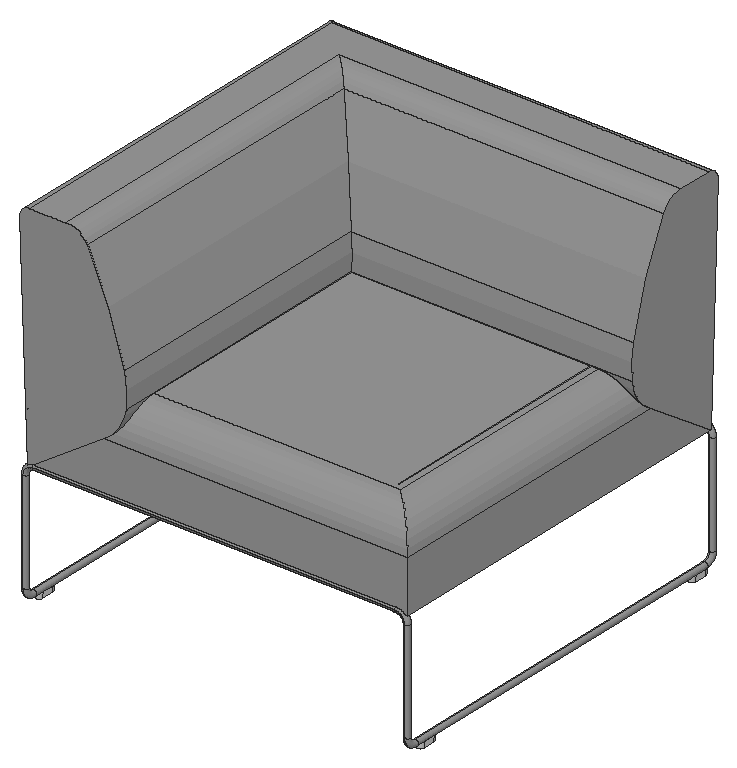
Revit family "Andreu World Siesta SF4751", category Mobiliario, Revit 2014
Parameters (values of type "SF4751")
  Width = 800 mm
  URL = "http://www.andreuworld.com/"
  Seat Height = 420 mm
  Reference = "SF-4751"
  Modelo = "Siesta"
  Metal = White Metal
  Glides = Andreu World Plastic Glides
  Fabricante = "Andreu World"
  Height = 740 mm
  Fabric = Andreu World Fabric
  Descripción = "1-seater corner sofa, right side."
  Depth = 800 mm
Reference planes
  plane 1 "Center (Front/Back)": y = 0
  plane 2: z = 0
  plane 3 "Center (Left/Right)": x = 0
  plane 4 "Left": x = -400
  plane 5 "Right": x = 400
  plane 6 "Back": y = 400
  plane 7 "Front": y = -400
  plane 8: z = 420
  plane 9: z = 740
Forms (mm)
  Sweep 1, solid, material "White Metal" <- "Metal", detail levels medium+fine
    path origin (0, -400, 0) x (-1, 0, 0) y (0, 0, 1)
      loop
        line (-400, 32.666) -> (-400, 242.666)
        arc (-400, 242.666) -> (-392.385, 261.051) -> (-374, 268.666) r 26
        line (-374, 268.666) -> (374, 268.666)
        arc (374, 268.666) -> (392.385, 261.051) -> (400, 242.666) r 26
        line (400, 242.666) -> (400, 32.666)
    profile origin (-400, -400, 137.666) x (0, 1, 0) y (-1, 0, 0)
      loop
        circle (6, -6) r 6
  Sweep 2, solid, material "White Metal" <- "Metal", detail levels medium+fine
    path origin (0, 400, 0) x (-1, 0, 0) y (0, 0, -1)
      loop
        line (-400, -32.666) -> (-400, -242.666)
        arc (-400, -242.666) -> (-392.385, -261.051) -> (-374, -268.666) r 26
        line (-374, -268.666) -> (374, -268.666)
        arc (374, -268.666) -> (392.385, -261.051) -> (400, -242.666) r 26
        line (400, -242.666) -> (400, -32.666)
    profile origin (-400, 400, 137.666) x (0, -1, 0) y (1, 0, 0)
      loop
        circle (6, 6) r 6
  Sweep 3, solid, material "White Metal" <- "Metal", detail levels medium+fine
    path origin (400, 0, 0) x (0, 1, 0) y (0, 0, 1)
      loop
        arc (-394, 32.666) -> (-388.142, 18.524) -> (-374, 12.666) r 20
        line (-374, 12.666) -> (374, 12.666)
        arc (374, 12.666) -> (388.142, 18.524) -> (394, 32.666) r 20
    profile origin (400, 0, 12.666) x (0, 0, 1) y (1, 0, 0)
      loop
        circle (0, -6) r 6
  Sweep 4, solid, material "White Metal" <- "Metal", detail levels medium+fine
    path origin (-400, 0, 0) x (0, 1, 0) y (0, 0, -1)
      loop
        arc (-394, -32.666) -> (-388.142, -18.524) -> (-374, -12.666) r 20
        line (-374, -12.666) -> (374, -12.666)
        arc (374, -12.666) -> (388.142, -18.524) -> (394, -32.666) r 20
    profile origin (-400, 0, 12.666) x (0, 0, -1) y (-1, 0, 0)
      loop
        circle (0, -6) r 6
  Extrusion 5, solid, material "White Metal" <- "Metal", detail levels medium+fine
    sketch origin (0, -400, 0) x (-1, 0, 0) y (0, 0, 1)
      loop
        circle (366.531, 262.663) r 6
    from 6 to 787.685
  Extrusion 6, solid, material "White Metal" <- "Metal", detail levels medium+fine
    sketch origin (0, -400, 0) x (1, 0, 0) y (0, 0, -1)
      loop
        circle (366.531, -262.663) r 6
    from 6 to 787.685
  Extrusion 7, solid, material "Andreu World Plastic Glides" <- "Glides", detail levels medium+fine
    sketch origin (0, 0, 0) x (1, 0, 0) y (0, 1, 0)
      loop
        arc (-401.535, 341.443) -> (-394.035, 333.943) -> (-386.535, 341.443) r 7.5
        line (-386.535, 341.443) -> (-386.535, 366.443)
        arc (-386.535, 366.443) -> (-394.035, 373.943) -> (-401.535, 366.443) r 7.5
        line (-401.535, 366.443) -> (-401.535, 341.443)
    from 0 to 10.327
  Extrusion 8, solid, material "Andreu World Plastic Glides" <- "Glides", detail levels medium+fine
    sketch origin (0, -700, 0) x (1, 0, 0) y (0, 1, 0)
      loop
        arc (-401.535, 341.443) -> (-394.035, 333.943) -> (-386.535, 341.443) r 7.5
        line (-386.535, 341.443) -> (-386.535, 366.443)
        arc (-386.535, 366.443) -> (-394.035, 373.943) -> (-401.535, 366.443) r 7.5
        line (-401.535, 366.443) -> (-401.535, 341.443)
    from 0 to 10.327
  Extrusion 9, solid, material "Andreu World Plastic Glides" <- "Glides", detail levels medium+fine
    sketch origin (0, 0, 0) x (-1, 0, 0) y (0, -1, 0)
      loop
        line (-401.535, -341.443) -> (-401.535, -366.443)
        arc (-401.535, -366.443) -> (-394.035, -373.943) -> (-386.535, -366.443) r 7.5
        line (-386.535, -366.443) -> (-386.535, -341.443)
        arc (-386.535, -341.443) -> (-394.035, -333.943) -> (-401.535, -341.443) r 7.5
    from 0 to 10.327
  Extrusion 10, solid, material "Andreu World Plastic Glides" <- "Glides", detail levels medium+fine
    sketch origin (0, -700, 0) x (-1, 0, 0) y (0, -1, 0)
      loop
        line (-401.535, -341.443) -> (-401.535, -366.443)
        arc (-401.535, -366.443) -> (-394.035, -373.943) -> (-386.535, -366.443) r 7.5
        line (-386.535, -366.443) -> (-386.535, -341.443)
        arc (-386.535, -341.443) -> (-394.035, -333.943) -> (-401.535, -341.443) r 7.5
    from 0 to 10.327
  Extrusion 11, solid, material "White Metal" <- "Metal", detail levels medium+fine
    sketch origin (0, 0, 0) x (1, 0, 0) y (0, 1, 0)
      loop
        line (-360, 386.974) -> (-360, -388.026) -> (360, -388.026) -> (360, 386.974) -> (-360, 386.974)
    from 259.942 to 265.082
  Sweep 12, solid, material "Andreu World Fabric" <- "Fabric", detail levels medium+fine
    path origin (-3861.149, 2.389, 0) x (1, 0, 0) y (0, 1, 0)
      loop
        line (3459.011, -400) -> (3459.011, 400) -> (4259.011, 400)
    profile origin (-402.138, 2.389, 0) x (-1, 0, 0) y (0, 0, 1)
      loop
        arc (-138.826, 712.618) -> (-183.864, 612.483) -> (-215.564, 507.361) r 846.681
        arc (-215.564, 507.361) -> (-220.522, 472.294) -> (-219.293, 436.899) r 202.471
        arc (-219.293, 436.899) -> (-207.023, 401.379) -> (-181.319, 373.966) r 90
        line (-181.319, 373.966) -> (-16.053, 259.137) -> (-0.012, 718.497)
        arc (-0.012, 718.497) -> (-5.613, 733.088) -> (-20, 739.195) r 20
        line (-20, 739.195) -> (-94.652, 739.195)
        arc (-94.652, 739.195) -> (-120.428, 732.039) -> (-138.826, 712.618) r 50
  Blend 13, solid, material "Andreu World Fabric" <- "Fabric", detail levels medium+fine
    base sketch origin (-3861.149, -10.41, 0) x (1, 0, 0) y (0, 1, 0)
      loop
        line (4259.011, 396.746) -> (3475.064, 396.746) -> (3475.064, -387.201) -> (4259.011, -387.201) -> (4259.011, 396.746)
    top sketch origin (-3861.149, -10.41, 0) x (1, 0, 0) y (0, 1, 0)
      loop
        line (3623.591, 247.025) -> (3623.591, -302.201) -> (4173.591, -302.201) -> (4173.591, 247.025) -> (3623.591, 247.025)
    from 259.942 to 436.92
  Sweep 14, solid, material "Andreu World Fabric" <- "Fabric", detail levels medium+fine
    path origin (-3861.149, -10.41, 259.942) x (1, 0, 0) y (0, 1, 0)
      loop
        line (4259.011, 396.746) -> (4259.011, -387.201) -> (3475.064, -387.201)
    profile origin (5.888, -397.611, 259.942) x (0, -1, 0) y (0, 0, 1)
      loop
        line (0, 0) -> (0, 106.957)
        arc (0, 106.957) -> (-20.503, 156.454) -> (-70, 176.957) r 70
        line (-70, 176.957) -> (-84.99, 176.957) -> (0, 0)
Cuts and joins
  joined: Blend 13, Sweep 14
Lines and regions (mm)
  model lines, detail levels coarse+medium
    curve 1: line (-400, 400, 0) -> (400, 400, 0)
    curve 2: line (400, 400, 0) -> (400, -400, 0)
    curve 3: line (400, -400, 0) -> (-400, -400, 0)
    curve 4: line (-400, -400, 0) -> (-400, 400, 0)
    curve 5: arc (-215.142, 215.142, 0) -> (94.794, 201.616, 0) -> (400, 257.224, 0) r 1388.89
    curve 6: arc (-215.142, 215.142, 0) -> (-201.616, -94.794, 0) -> (-257.224, -400, 0) r 1388.89
    curve 7: line (-215.142, 215.142, 0) -> (-400, 400, 0)
Dimensions and locks
  "Width": plane 4 "Left" to plane 5 "Right"
  equal spacing: plane 4 "Left", plane 3 "Center (Left/Right)", plane 5 "Right"
  "Depth": plane 6 "Back" to plane 7 "Front"
  equal spacing: plane 6 "Back", plane 1 "Center (Front/Back)", plane 7 "Front"
  "Seat Height": plane 8 to level
  "Height": plane 9 to level
  Blend 13 sketch curve to var sketch = 85 mm
  Blend 13 sketch curve to var sketch = 85.42 mm
  aligned and locked: level to plane 2
Automatic sketch dimensions
  Sweep 1 sketch curve to plane 5 "Right" = 0 mm
  Sweep 1 sketch curve to plane 4 "Left" = 0 mm
  Sweep 1 sketch curve to plane 8 = 177.334 mm
  Sweep 1 sketch curve to plane 5 "Right" = 26 mm
  plane 4 "Left" to Sweep 1 sketch curve = 26 mm
  level to Sweep 1 sketch curve = 32.666 mm  (x2)
  plane 7 "Front" to Sweep 1 sketch curve = 6 mm
  profile plane to Sweep 1 sketch curve = 6 mm
  Sweep 2 sketch curve to plane 5 "Right" = 0 mm
  Sweep 2 sketch curve to plane 4 "Left" = 0 mm
  plane 4 "Left" to Sweep 2 sketch curve = 26 mm
  Sweep 2 sketch curve to plane 8 = 151.334 mm
  Sweep 2 sketch curve to plane 5 "Right" = 26 mm
  level to Sweep 2 sketch curve = 32.666 mm  (x2)
  profile plane to Sweep 2 sketch curve = 6 mm
  Sweep 2 sketch curve to profile plane = 6 mm
  level to Sweep 3 sketch curve = 12.666 mm
  plane 7 "Front" to Sweep 3 sketch curve = 26 mm
  Sweep 3 sketch curve to plane 6 "Back" = 26 mm
  plane 7 "Front" to Sweep 3 sketch curve = 6 mm
  Sweep 3 sketch curve to plane 6 "Back" = 6 mm
  Sweep 3 sketch curve to profile plane = 0 mm
  Sweep 3 sketch curve to plane 5 "Right" = 6 mm
  level to Sweep 4 sketch curve = 12.666 mm
  plane 7 "Front" to Sweep 4 sketch curve = 26 mm
  Sweep 4 sketch curve to plane 6 "Back" = 26 mm
  plane 7 "Front" to Sweep 4 sketch curve = 6 mm
  Sweep 4 sketch curve to plane 6 "Back" = 6 mm
  Sweep 4 sketch curve to profile plane = 0 mm
  Sweep 4 sketch curve to profile plane = 6 mm
  plane 4 "Left" to Extrusion 5 sketch curve = 33.469 mm
  Extrusion 5 sketch curve to plane 8 = 157.337 mm
  plane 5 "Right" to Extrusion 6 sketch curve = 33.469 mm
  plane 8 to Extrusion 6 sketch curve = 157.337 mm
  Extrusion 7 sketch curve to plane 4 "Left" = 1.535 mm
  plane 4 "Left" to Extrusion 7 sketch curve = 13.465 mm
  Extrusion 7 sketch curve to plane 6 "Back" = 58.557 mm
  Extrusion 7 sketch curve to Extrusion 7 sketch curve = 25 mm
  Extrusion 8 sketch curve to plane 4 "Left" = 1.535 mm
  plane 4 "Left" to Extrusion 8 sketch curve = 13.465 mm
  plane 7 "Front" to Extrusion 8 sketch curve = 41.443 mm
  Extrusion 8 sketch curve to Extrusion 8 sketch curve = 25 mm
  Extrusion 9 sketch curve to plane 5 "Right" = 1.535 mm
  plane 5 "Right" to Extrusion 9 sketch curve = 13.465 mm
  plane 6 "Back" to Extrusion 9 sketch curve = 58.557 mm
  Extrusion 9 sketch curve to Extrusion 9 sketch curve = 25 mm
  Extrusion 10 sketch curve to plane 5 "Right" = 1.535 mm
  plane 5 "Right" to Extrusion 10 sketch curve = 13.465 mm
  Extrusion 10 sketch curve to plane 7 "Front" = 41.443 mm
  Extrusion 10 sketch curve to Extrusion 10 sketch curve = 25 mm
  plane 7 "Front" to Extrusion 11 sketch curve = 11.974 mm
  plane 4 "Left" to Extrusion 11 sketch curve = 40 mm
  Extrusion 11 sketch curve to plane 6 "Back" = 13.026 mm
  Extrusion 11 sketch curve to plane 5 "Right" = 40 mm
  plane 6 "Back" to Sweep 12 sketch curve = 2.389 mm
  Sweep 12 sketch curve to plane 5 "Right" = 802.138 mm
  plane 7 "Front" to Sweep 12 sketch curve = 2.389 mm
  Sweep 12 sketch curve to Sweep 12 sketch curve = 800 mm
  profile plane to Sweep 12 sketch curve = 215.564 mm
  profile plane to Sweep 12 sketch curve = 138.826 mm
  Sweep 12 sketch curve to Sweep 12 sketch curve = 0 mm  (x3)
  Sweep 12 sketch curve to Sweep 12 sketch curve = 44.174 mm
  level to Sweep 12 sketch curve = 315.982 mm
  Sweep 12 sketch curve to profile plane = 609.204 mm
  level to Sweep 12 sketch curve = 507.361 mm
  profile plane to Sweep 12 sketch curve = 20 mm
  profile plane to Sweep 12 sketch curve = 0.012 mm
  Sweep 12 sketch curve to Sweep 12 sketch curve = 20.698 mm
  profile plane to Sweep 12 sketch curve = 16.053 mm
  level to Sweep 12 sketch curve = 259.137 mm
  Sweep 12 sketch curve to Sweep 12 sketch curve = 34.246 mm
  Sweep 12 sketch curve to Sweep 12 sketch curve = 133.395 mm
  Sweep 12 sketch curve to Sweep 12 sketch curve = 3.728 mm
  profile plane to Sweep 12 sketch curve = 18.333 mm
  Blend 13 sketch curve to plane 6 "Back" = 13.664 mm
  Blend 13 sketch curve to plane 5 "Right" = 786.085 mm
  Blend 13 sketch curve to Blend 13 sketch curve = 783.947 mm
  plane 7 "Front" to Blend 13 sketch curve = 2.389 mm
  Blend 13 sketch curve to plane 6 "Back" = 163.386 mm
  Blend 13 sketch curve to Blend 13 sketch curve = 550 mm
  Sweep 14 sketch curve to Blend 13 = 0 mm  (x3)
  Blend 13 to Sweep 14 sketch curve = 0 mm
  Sweep 14 sketch curve to profile plane = 0 mm  (x2)
  profile plane to Sweep 14 sketch curve = 70 mm
  Sweep 14 sketch curve to Sweep 14 sketch curve = 14.99 mm
  profile plane to Sweep 14 sketch curve = 106.957 mm
  curve 1 to plane 4 "Left" = 0 mm
  curve 2 to plane 5 "Right" = 0 mm
  curve 3 to plane 7 "Front" = 0 mm
  curve 6 to plane 1 "Center (Front/Back)" = 0 mm
  curve 5 to plane 3 "Center (Left/Right)" = 0 mm
  curve 7 to plane 6 "Back" = 0 mm
  curve 6 to plane 4 "Left" = 1187.268 mm
  curve 3 to curve 6 = 142.776 mm
  plane 4 "Left" to curve 6 = 184.858 mm
  curve 5 to curve 1 = 142.776 mm
  radius of Sweep 1 sketch curve = 6 mm
  radius of Sweep 2 sketch curve = 6 mm
  radius of Sweep 3 sketch curve = 6 mm
  radius of Sweep 4 sketch curve = 6 mm
  radius of Extrusion 5 sketch curve = 6 mm
  radius of Extrusion 6 sketch curve = 6 mm
